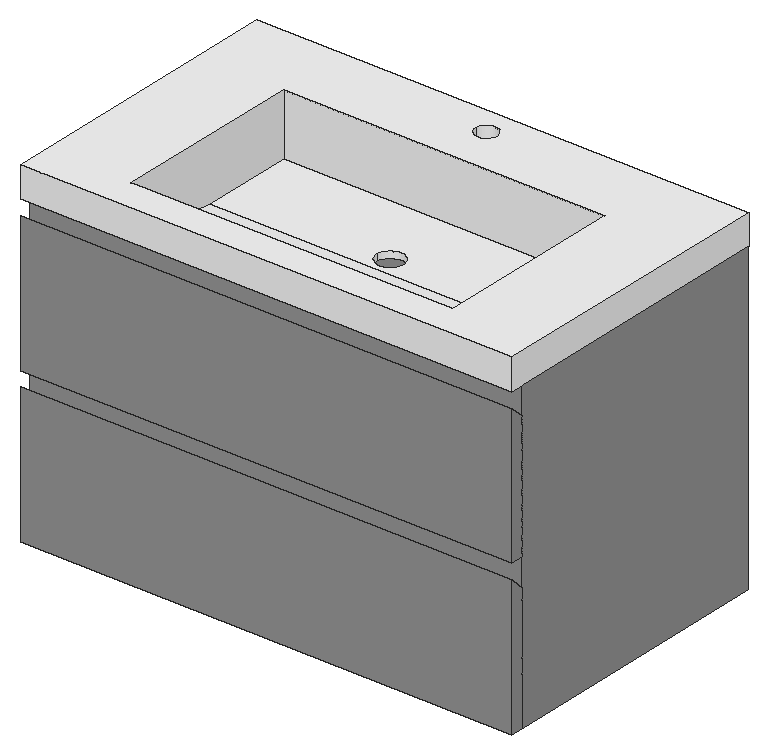
Revit family "CITY 800 MAPLE GRAY", category Furniture, Revit 2019
Family settings
  OmniClass Number = 23.40.20.00
  OmniClass Title = General Furniture and Specialties
  Work Plane-Based = No
  Always vertical = Yes
  Cut with Voids When Loaded = No
  Shared = No
  Room Calculation Point = No
Parameters
  MATERIAL MUEBLE = MAPLE GREY MUEBLE CITY
  LARGO MUEBLE = 700 mm
  ANCHO MUEBLE = 480 mm
Reference planes
  plane 1 "Center (Front/Back)": y = 0
  plane 2: z = 0
  plane 3 "Center (Left/Right)": x = 0
  plane 4: x = 350
  plane 5: x = -350
  plane 6: y = 240
  plane 7: y = -240
  plane 8: z = 350
  plane 9: z = 600
Forms (mm)
  Extrusion 1, solid, material "MAPLE GREY MUEBLE CITY" <- "MATERIAL MUEBLE"
    sketch origin (-147, 236, 0) x (1, 0, 0) y (0, 1, 0)
      loop
        line (-203, 4) -> (-203, -456) -> (597, -456) -> (597, 4) -> (-203, 4)
    from 350 to 850
  Extrusion 2, solid, material "BLANCO"
    sketch origin (0, 0, 0) x (1, 0, 0) y (0, 1, 0)
      loop
        line (-350, 240) -> (-350, -240) -> (450, -240) -> (450, 240) -> (-350, 240)
      loop
        line (-209.633, 120) -> (-209.633, -190) -> (312.938, -190) -> (312.938, 120) -> (-209.633, 120)
    from 850 to 900
  Extrusion 3, solid, material "MAPLE GREY MUEBLE CITY" <- "MATERIAL MUEBLE"
    sketch origin (0, 0, 0) x (0, 1, 0) y (0, 0, 1)
      loop
        line (-220, 350) -> (-220, 555.536) -> (-240, 575.536) -> (-240, 350) -> (-220, 350)
    from -350 to 450
  Extrusion 4, solid, material "MAPLE GREY MUEBLE CITY" <- "MATERIAL MUEBLE"
    sketch origin (0, 0, 250) x (0, 1, 0) y (0, 0, 1)
      loop
        line (-220, 350) -> (-220, 555.536) -> (-240, 575.536) -> (-240, 350) -> (-220, 350)
    from -350 to 450
  Extrusion 5, void
    sketch origin (0, 0, 0) x (1, 0, 0) y (0, 1, 0)
      loop
        line (-330, 150) -> (-330, -206.975) -> (335.009, -206.975) -> (335.009, 150) -> (-330, 150)
    from 400 to 950
  Extrusion 6, solid, material "BLANCO"
    sketch origin (0, 0, 0) x (0, 1, 0) y (0, 0, 1)
      loop
        line (120, 850) -> (120, 800) -> (-30, 800)
        arc (-30, 800) -> (-113.815, 812.791) -> (-190, 850) r 281
        line (-190, 850) -> (-206.975, 850)
        arc (-206.975, 850) -> (-123.434, 805.408) -> (-30, 790) r 291
        line (-30, 790) -> (130, 790) -> (130, 850) -> (120, 850)
    from -314.053 to 312.938
  Extrusion 7, solid, material "BLANCO"
    sketch origin (0, -35, 0) x (0, 1, 0) y (0, 0, 1)
      loop
        line (155, 850) -> (-155, 850)
        arc (-155, 850) -> (-78.815, 812.791) -> (5, 800) r 281
        line (5, 800) -> (155, 800) -> (155, 850)
    from -314.053 to -209.633
  Extrusion 8, void
    sketch origin (60, 0, 0) x (1, 0, 0) y (0, 1, 0)
      loop
        circle (0, 195) r 17.5
      loop
        circle (0, 0) r 22
    from 600 to 900
Cuts and joins
  Extrusion 5 cuts Extrusion 1
  Extrusion 8 cuts Extrusion 2
  Extrusion 8 cuts Extrusion 6
  joined: Extrusion 2, Extrusion 6, Extrusion 7
Lines and regions (mm)
  reference lines
    curve 1: line (-350, 0, 350) -> (-350, 0, 150)
Dimensions and locks
  locked: Extrusion 1 to plane 7 at 20
  "ANCHO MUEBLE": plane 6 to plane 7
  "LARGO MUEBLE": plane 5 to plane 4
  equal spacing: plane 5, plane 3 "Center (Left/Right)", plane 4
  plane 9 to plane 8 to level = 250 mm, 350 mm
  locked: Extrusion 3 to Extrusion 3 at 225.536
  locked: Extrusion 4 to Extrusion 4 at 225.536
  aligned and locked: level to plane 2
  aligned and locked: plane 6 to Extrusion 1  (x2)
  aligned and locked: Extrusion 1 to plane 5
  aligned and locked: Extrusion 2 to plane 5
  aligned and locked: Extrusion 1 to Extrusion 2
  aligned and locked: Extrusion 3 to plane 5
  aligned and locked: plane 8 to Extrusion 1
  aligned and locked: Extrusion 3 to plane 8
  aligned and locked: Extrusion 4 to plane 9
  aligned and locked: Extrusion 4 to plane 5
  aligned and locked: Extrusion 7 to Extrusion 2
  aligned and locked: Extrusion 6 to Extrusion 7
Automatic sketch dimensions
  Extrusion 1 sketch curve to plane 5 = 0 mm
  plane 4 to Extrusion 1 sketch curve = 0 mm
  Extrusion 1 sketch curve to plane 6 = 0 mm
  plane 7 to Extrusion 1 sketch curve = 20 mm
  Extrusion 2 sketch curve to plane 5 = 0 mm
  plane 4 to Extrusion 2 sketch curve = 100 mm
  Extrusion 2 sketch curve to plane 7 = 0 mm
  Extrusion 2 sketch curve to plane 6 = 0 mm
  plane 5 to Extrusion 2 sketch curve = 140.367 mm
  Extrusion 2 sketch curve to plane 4 = 37.062 mm
  plane 7 to Extrusion 2 sketch curve = 50 mm
  Extrusion 2 sketch curve to plane 1 "Center (Front/Back)" = 120 mm
  Extrusion 3 sketch curve to plane 7 = 0 mm
  Extrusion 3 sketch curve to plane 8 = 0 mm
  plane 7 to Extrusion 3 sketch curve = 20 mm
  Extrusion 3 sketch curve to plane 9 = 44.464 mm
  Extrusion 3 sketch curve to plane 9 = 24.464 mm
  Extrusion 4 sketch curve to plane 7 = 0 mm
  Extrusion 4 sketch curve to plane 9 = 0 mm
  plane 7 to Extrusion 4 sketch curve = 20 mm
  Extrusion 4 sketch curve to Extrusion 4 sketch curve = 205.536 mm
  Extrusion 4 sketch curve to Extrusion 4 sketch curve = 20 mm
  plane 5 to Extrusion 5 sketch curve = 20 mm
  Extrusion 5 sketch curve to plane 4 = 14.991 mm
  plane 7 to Extrusion 5 sketch curve = 33.025 mm
  Extrusion 5 sketch curve to plane 6 = 90 mm
  Extrusion 6 sketch curve to Extrusion 6 sketch curve = 0 mm  (x2)
  plane 7 to Extrusion 6 sketch curve = 33.025 mm
  Extrusion 6 sketch curve to Extrusion 6 sketch curve = 16.975 mm
  plane 1 "Center (Front/Back)" to Extrusion 6 sketch curve = 30 mm
  Extrusion 6 sketch curve to plane 1 "Center (Front/Back)" = 120 mm
  Extrusion 6 sketch curve to Extrusion 6 sketch curve = 10 mm  (x2)
  plane 9 to Extrusion 6 sketch curve = 190 mm
  Extrusion 6 sketch curve to Extrusion 6 sketch curve = 50 mm
  plane 7 to Extrusion 7 sketch curve = 50 mm
  plane 1 "Center (Front/Back)" to Extrusion 7 sketch curve = 30 mm
  Extrusion 7 sketch curve to plane 1 "Center (Front/Back)" = 120 mm
  plane 9 to Extrusion 7 sketch curve = 200 mm
  Extrusion 7 sketch curve to Extrusion 7 sketch curve = 50 mm
  plane 3 "Center (Left/Right)" to Extrusion 8 sketch curve = 60 mm  (x2)
  plane 1 "Center (Front/Back)" to Extrusion 8 sketch curve = 0 mm
  Extrusion 8 sketch curve to plane 6 = 45 mm
  curve 1 to plane 8 = 0 mm
  curve 1 to plane 5 = 0 mm
  level to curve 1 = 150 mm
  radius of Extrusion 8 sketch curve = 17.5 mm
  radius of Extrusion 8 sketch curve = 22 mm
